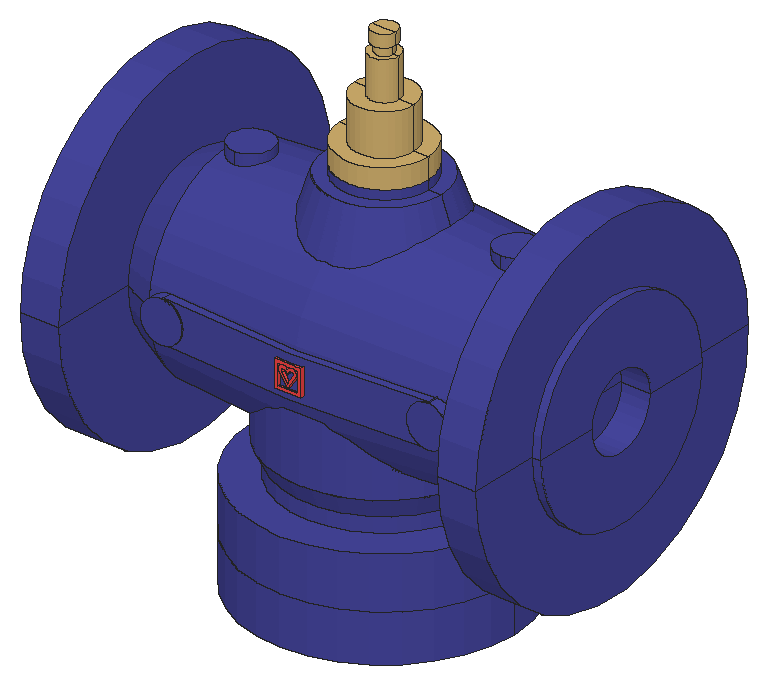
Revit family "Клапан проходной регулирующий, фланцевый F 4035_PN25", category Rohrzubehör, Revit 2018
Family settings
  Bemaßung runder Anschluss = Durchmesser verwenden
  Teiletyp = Unterbricht
  OmniClass-Nummer = 23.65.55.14
  OmniClass-Titel = Valves for Liquid Services
  Arbeitsebenenbasiert = Nein
  Immer vertikal = Ja
  Beim Laden mit Abzugskörper schneiden = Nein
  Gemeinsam genutzt = Nein
Parameters (values of type "kvs6.3")
  Среда = "Качество очистки воды должно соответствовать нормам ÖNORM H 5195 и VDI 2035 стандартам."
  Номер заказа [instance] = if(and(kvs1, Nennweite = 15 mm), 403540, if(and(kvs1.6, Nennweite = 15 mm), 403551, if(and(kvs2.5, Nennweite = 15 mm), 403561, if(and(kvs4, Nennweite = 15 mm), 403571, if(and(kvs6.3, Nennweite = 25 mm), 403543, if(and(kvs10, Nennweite = 25 mm), 403553, if(and(kvs16, Nennweite = 32 mm), 403544, if(and(kvs25, Nennweite = 40 mm), 403545, if(and(kvs40, Nennweite = 50 mm), 403556, if(and(kvs63, Nennweite = 65 mm), 403547, if(and(kvs100, Nennweite = 80 mm), 403548, if(and(kvs160, Nennweite = 100 mm), 403549, if(and(kvs250, Nennweite = 125 mm), 403550, if(and(kvs330, Nennweite = 150 mm), 403542, 0))))))))))))))  # 403543
  Вес [instance] = size_lookup("4035_PN25", "Gewicht", 25, Nennweite)  # 8
  kvs63 = no
  kvs6.3 = yes
  kvs40 = no
  kvs4 = no
  kvs330 = no
  kvs250 = no
  kvs25 = no
  kvs2.5 = no
  kvs160 = no
  kvs16 = no
  kvs100 = no
  kvs10 = no
  kvs1.6 = no
  kvs1 = no
  Седло клапана = "WN1.4021"  # constant formula
  Конус клапана (до DN50) = "WN1.4021"  # constant formula
  Конус клапана (от DN65) = "EN-GJL-250/WN1.4021"  # constant formula
  Пропускная характеристика клапана = "равнопроцентная"  # constant formula
  URL = "www.herz-armaturen.ru"
  Шток = "WN1.4404"  # constant formula
  SCTWSEQ = "FW;SBT_TYP_FW=\"101\";2"
  SCTWCODE = "04;05;02"  # constant formula
  SCRNSEQ = "ARM;ARM_TYP=\"DURR\";2"
  SCRNCODE = "05;06;02"  # constant formula
  R14 = 4 mm  # constant formula
  R13 = 3 mm  # constant formula
  R12 = 5 mm  # constant formula
  R11 [instance] = size_lookup("4035_PN25", "R11", 18 mm, Nennweite)  # 10 mm
  R10 [instance] = size_lookup("4035_PN25", "R10", 23 mm, Nennweite)  # 15 mm
  R09 [instance] = size_lookup("4035_PN25", "R9", 49 mm, Nennweite)  # 19.5 mm
  R08 [instance] = R00 + 3 mm  # 41 mm
  R07 [instance] = size_lookup("4035_PN25", "R7", 15.5 mm, Nennweite)  # 7 mm
  R06 [instance] = size_lookup("4035_PN25", "R6", 15.5 mm, Nennweite)  # 7 mm
  R05 [instance] = size_lookup("4035_PN25", "R5", 62.5 mm, Nennweite)  # 35.5 mm
  R04 [instance] = size_lookup("4035_PN25", "R4", 59.5 mm, Nennweite)  # 32.5 mm
  R03 [instance] = size_lookup("4035_PN25", "R3", 43 mm, Nennweite)  # 44 mm
  R02 [instance] = size_lookup("4035_PN25", "R2", 43 mm, Nennweite)  # 19.5 mm
  R01 [instance] = size_lookup("4035_PN25", "R1", 55.5 mm, Nennweite)  # 28.5 mm
  R00 [instance] = size_lookup("4035_PN25", "R", 65 mm, Nennweite)  # 38 mm
  PN = 25  # constant formula
  Nennweite [instance] = 25 mm
  Мин. рабочая температура = 5 °C  # constant formula
  Макс. рабочая температура = 150 °C  # constant formula
  Макс. рабочее давление = 2500000.0 Pa  # constant formula
  LO1 [instance] = size_lookup("4035_PN25", "LO1", 28.5 mm, Nennweite)  # 40 mm
  L07 [instance] = L06 - R06  # 45 mm
  L06 [instance] = size_lookup("4035_PN25", "L6", 110 mm, Nennweite)  # 52 mm
  L05 [instance] = D00  # 57.5 mm
  L03 = 10 mm  # constant formula
  L02 [instance] = size_lookup("4035_PN25", "L2", 15 mm, Nennweite)  # 13 mm
  L01 = 3 mm  # constant formula
  L00 [instance] = size_lookup("4035_PN25", "L", 145 mm, Nennweite)  # 80 mm
  Hersteller = "Herz-Armaturen GmbH"  # constant formula
  H18 [instance] = 17.5 mm  # constant formula
  H15 = 4 mm  # constant formula
  H14 [instance] = size_lookup("4035_PN25", "H14", 17 mm, Nennweite)  # 13 mm
  H13 [instance] = size_lookup("4035_PN25", "H13", 18 mm, Nennweite)  # 14 mm
  H12 [instance] = size_lookup("4035_PN25", "H12", 10.5 mm, Nennweite)  # 6.8 mm
  H11 [instance] = size_lookup("4035_PN25", "H11", 52.5 mm, Nennweite)  # 40.8 mm
  H10 [instance] = size_lookup("4035_PN25", "H10", 135.4 mm, Nennweite)  # 88.3 mm
  H09 = 3 mm  # constant formula
  H08 [instance] = size_lookup("4035_PN25", "H8", 79 mm, Nennweite)  # 44.5 mm
  H07 [instance] = R00  # 38 mm
  H06 [instance] = size_lookup("4035_PN25", "H6", 59 mm, Nennweite)  # 35 mm
  H05 [instance] = size_lookup("4035_PN25", "H5", 20 mm, Nennweite)  # 5 mm
  H04 [instance] = size_lookup("4035_PN25", "H4", 17 mm, Nennweite)  # 15 mm
  H02 [instance] = size_lookup("4035_PN25", "H2", 38 mm, Nennweite)  # 3 mm
  H03 [instance] = size_lookup("4035_PN25", "H3", 112 mm, Nennweite)  # 64 mm
  H01 [instance] = size_lookup("4035_PN25", "H1", 14 mm, Nennweite)  # 16 mm
  Корпус = "EN-GJS-400-18-LT (EN 1563)"  # constant formula
  Материал уплотнения = "70EPDM"  # constant formula
  DN80 [instance] = Nennweite = 80 mm  # no
  DN65 [instance] = Nennweite = 65 mm  # no
  DN50 [instance] = Nennweite = 50 mm  # no
  DN40 [instance] = Nennweite = 40 mm  # no
  DN32 [instance] = Nennweite = 32 mm  # no
  DN25 [instance] = Nennweite = 25 mm  # yes
  DN150 [instance] = Nennweite = 150 mm  # no
  DN15 [instance] = Nennweite = 15 mm  # no
  DN125 [instance] = Nennweite = 125 mm  # no
  DN100 [instance] = Nennweite = 100 mm  # no
  D02 [instance] = Nennweite / 2  # 12.5 mm
  D01 [instance] = size_lookup("4035_PN25", "D1", 61 mm, Nennweite)  # 34 mm
  D00 [instance] = size_lookup("4035_PN25", "D", 92.5 mm, Nennweite)  # 57.5 mm
  Область применения = "Клапан может использоваться в системах отопления, вентиляции и кондиционирования воздуха, в производственных и технологических процессах. Пропускная характеристика клапана - равнопроцентная. Соотношение регулирования (соотношение между пропускной способностью при номинальной высоте хода Kvs и минимальным значением пропускной способности, при которой погрешность регулирования находится в пределах номинального допуска Kvmin) - 30. Выбор проходного фланцевого клапана осущетвляется в соответствии с диаграммой значений kvs."
  Фланцевое соединение = "EN 1092-2"  # constant formula
Types (15, lengths in mm): name | Номер заказа | Вес | kvs63 | kvs6.3 | kvs40 | kvs4 | kvs330 | kvs250 | kvs25 | kvs2.5 | kvs160 | kvs16 | kvs100 | kvs10 | kvs1.6 | kvs1 | R11 | R10 | R09 | R08 | R07 | R06 | R05 | R04 | R03 | R02 | R01 | R00 | Nennweite | LO1 | L07 | L06 | L05 | L02 | L00 | H14 | H13 | H12 | H11 | H10 | H08 | H07 | H06 | H05 | H04 | H02 | H03 | H01 | DN80 | DN65 | DN50 | DN40 | DN32 | DN25 | DN150 | DN15 | DN125 | DN100 | D02 | D01 | D00
  (no name) | 403543 | 8 | no | yes | no | no | no | no | no | no | no | no | no | no | no | no | 10 | 15 | 19.5 | 41 | 7 | 7 | 35.5 | 32.5 | 44 | 19.5 | 28.5 | 38 | 25 | 40 | 45 | 52 | 57.5 | 13 | 80 | 13 | 14 | 6.8 | 40.8 | 88.3 | 44.5 | 38 | 35 | 5 | 15 | 3 | 64 | 16 | no | no | no | no | no | yes | no | no | no | no | 12.5 | 34 | 57.5
  kvs1 | 403540 | 5 | no | no | no | no | no | no | no | no | no | no | no | no | no | yes | 10 | 15 | 19.5 | 29.5 | 6 | 6 | 24 | 21 | 32.5 | 14 | 17 | 26.5 | 15 | 27.5 | 34 | 40 | 47.5 | 11 | 65 | 13 | 14 | 6.8 | 40.8 | 80.3 | 36.5 | 26.5 | 24.5 | 5 | 13 | 11 | 49 | 14 | no | no | no | no | no | no | no | yes | no | no | 7.5 | 22.5 | 47.5
  kvs1.6 | 403551 | 5 | no | no | no | no | no | no | no | no | no | no | no | no | yes | no | 10 | 15 | 19.5 | 29.5 | 6 | 6 | 24 | 21 | 32.5 | 14 | 17 | 26.5 | 15 | 27.5 | 34 | 40 | 47.5 | 11 | 65 | 13 | 14 | 6.8 | 40.8 | 80.3 | 36.5 | 26.5 | 24.5 | 5 | 13 | 11 | 49 | 14 | no | no | no | no | no | no | no | yes | no | no | 7.5 | 22.5 | 47.5
  kvs2.5 | 403561 | 5 | no | no | no | no | no | no | no | yes | no | no | no | no | no | no | 10 | 15 | 19.5 | 29.5 | 6 | 6 | 24 | 21 | 32.5 | 14 | 17 | 26.5 | 15 | 27.5 | 34 | 40 | 47.5 | 11 | 65 | 13 | 14 | 6.8 | 40.8 | 80.3 | 36.5 | 26.5 | 24.5 | 5 | 13 | 11 | 49 | 14 | no | no | no | no | no | no | no | yes | no | no | 7.5 | 22.5 | 47.5
  kvs4 | 403571 | 5 | no | no | no | yes | no | no | no | no | no | no | no | no | no | no | 10 | 15 | 19.5 | 29.5 | 6 | 6 | 24 | 21 | 32.5 | 14 | 17 | 26.5 | 15 | 27.5 | 34 | 40 | 47.5 | 11 | 65 | 13 | 14 | 6.8 | 40.8 | 80.3 | 36.5 | 26.5 | 24.5 | 5 | 13 | 11 | 49 | 14 | no | no | no | no | no | no | no | yes | no | no | 7.5 | 22.5 | 47.5
  kvs6.3 | 403543 | 8 | no | yes | no | no | no | no | no | no | no | no | no | no | no | no | 10 | 15 | 19.5 | 41 | 7 | 7 | 35.5 | 32.5 | 44 | 19.5 | 28.5 | 38 | 25 | 40 | 45 | 52 | 57.5 | 13 | 80 | 13 | 14 | 6.8 | 40.8 | 88.3 | 44.5 | 38 | 35 | 5 | 15 | 3 | 64 | 16 | no | no | no | no | no | yes | no | no | no | no | 12.5 | 34 | 57.5
  kvs10 | 403553 | 8 | no | no | no | no | no | no | no | no | no | no | no | yes | no | no | 10 | 15 | 19.5 | 41 | 7 | 7 | 35.5 | 32.5 | 44 | 19.5 | 28.5 | 38 | 25 | 40 | 45 | 52 | 57.5 | 13 | 80 | 13 | 14 | 6.8 | 40.8 | 88.3 | 44.5 | 38 | 35 | 5 | 15 | 3 | 64 | 16 | no | no | no | no | no | yes | no | no | no | no | 12.5 | 34 | 57.5
  kvs16 | 403544 | 11.5 | no | no | no | no | no | no | no | no | no | yes | no | no | no | no | 10 | 15 | 20.5 | 46 | 9 | 9 | 40.5 | 37.5 | 49 | 24.5 | 33.5 | 43 | 32 | 45 | 51 | 60 | 70 | 13 | 90 | 17 | 18 | 10.5 | 52.5 | 102 | 46.5 | 43 | 39 | 15 | 15 | 4 | 84 | 16 | no | no | no | no | yes | no | no | no | no | no | 16 | 39 | 70
  kvs25 | 403545 | 13 | no | no | no | no | no | no | yes | no | no | no | no | no | no | no | 10 | 15 | 20.5 | 51 | 12 | 12 | 45.5 | 42.5 | 54 | 29 | 38.5 | 48 | 40 | 50 | 56 | 68 | 75 | 13 | 100 | 17 | 18 | 10.5 | 52.5 | 112 | 56.5 | 48 | 43 | 20 | 15 | 1 | 94 | 16 | no | no | no | yes | no | no | no | no | no | no | 20 | 44 | 75
  kvs63 | 403547 | 25 | yes | no | no | no | no | no | no | no | no | no | no | no | no | no | 18 | 23 | 49 | 68 | 15.5 | 15.5 | 62.5 | 59.5 | 71 | 43 | 55.5 | 65 | 65 | 68 | 94.5 | 110 | 92.5 | 15 | 145 | 17 | 18 | 10.5 | 52.5 | 135.4 | 79 | 65 | 59 | 20 | 17 | 38 | 112 | 18 | no | yes | no | no | no | no | no | no | no | no | 32.5 | 61 | 92.5
  kvs100 | 403548 | 31 | no | no | no | no | no | no | no | no | no | no | yes | no | no | no | 18 | 23 | 49 | 76 | 15.5 | 15.5 | 70.5 | 67.5 | 79 | 51 | 63.5 | 73 | 80 | 77 | 99.5 | 115 | 100 | 17 | 155 | 17 | 18 | 10.5 | 52.5 | 168.5 | 113 | 73 | 65 | 20 | 19 | 46 | 125 | 20 | yes | no | no | no | no | no | no | no | no | no | 40 | 69 | 100
  kvs160 | 403549 | 46 | no | no | no | no | no | no | no | no | yes | no | no | no | no | no | 30 | 35 | 61 | 86 | 20.5 | 20.5 | 80.5 | 77.5 | 89 | 61 | 73.5 | 83 | 100 | 88 | 112.5 | 133 | 110 | 17 | 175 | 21 | 22 | 14.2 | 64.2 | 189.7 | 122.5 | 83 | 73 | 25 | 19 | 65 | 135 | 20 | no | no | no | no | no | no | no | no | no | yes | 50 | 79 | 110
  kvs250 | 403550 | 72 | no | no | no | no | no | yes | no | no | no | no | no | no | no | no | 30 | 35 | 61 | 101 | 20.5 | 20.5 | 95.5 | 92.5 | 104 | 76 | 88.5 | 98 | 125 | 103 | 134.5 | 155 | 125 | 19 | 200 | 21 | 22 | 14.2 | 64.2 | 231 | 163.5 | 98 | 80 | 30 | 21 | 44 | 158 | 21 | no | no | no | no | no | no | no | no | yes | no | 62.5 | 94 | 125
  kvs330 | 403542 | 91 | no | no | no | no | yes | no | no | no | no | no | no | no | no | no | 30 | 35 | 61 | 113 | 20.5 | 20.5 | 107.5 | 104.5 | 116 | 88 | 100.5 | 110 | 150 | 115 | 174.5 | 195 | 142.5 | 19 | 240 | 21 | 22 | 14.2 | 64.2 | 237.5 | 170 | 110 | 85 | 25 | 21 | 42 | 153 | 21 | no | no | no | no | no | no | yes | no | no | no | 75 | 106 | 142.5
  kvs40 | 403556 | 16 | no | no | yes | no | no | no | no | no | no | no | no | no | no | no | 18 | 23 | 49 | 56 | 13.5 | 13.5 | 52.5 | 49.5 | 61 | 34 | 45.5 | 53 | 50 | 56 | 66.5 | 80 | 82.5 | 15 | 115 | 17 | 18 | 10.5 | 52.5 | 122 | 66.5 | 53 | 43 | 1 | 15 | 42 | 67 | 18 | no | no | yes | no | no | no | no | no | no | no | 25 | 51 | 82.5
Reference planes
  plane 1 "Mitte (Vorne/hinten)": y = 0
  plane 2: z = 0
  plane 3 "Mitte (Links/rechts)": x = 0
Forms (mm)
  Revolve 1, solid, material "kunststoff-BLAU", detail levels fine
    sketch origin (1065, 0, 0) x (1, 0, 0) y (0, 1, 0)
      loop
        line (-1142, 34) -> (-1145, 34) -> (-1145, 12.5) -> (-1135, 12.5) -> (-1135, 0) -> (-995, 0) -> (-995, 12.5) -> (-985, 12.5) -> (-985, 34) -> (-988, 34) -> (-988, 57.5) -> (-1001, 57.5) -> (-1001, 28.5) -> (-1013, 34.447)
        arc (-1013, 34.447) -> (-1065, 38) -> (-1117, 34.447) r 382.331
        line (-1117, 34.447) -> (-1129, 28.5) -> (-1129, 57.5) -> (-1142, 57.5) -> (-1142, 34)
      axis (-985, 0) -> (-1145, 0)
    angle from 0 to 360
  Extrusion 2, solid, material "kunststoff-BLAU", detail levels fine
    sketch origin (0, 0, 0) x (-1, 0, 0) y (0, 0, -1)
      loop
        circle (45, 0) r 7
      loop
        circle (-45, 0) r 7
    from -38 to 38
  Extrusion 3, solid, material "kunststoff-BLAU", visible <- "DN65", detail levels fine
    sketch origin (0, 0, 0) x (1, 0, 0) y (0, 1, 0)
      loop
        arc (-95, -56.907) -> (0, -68) -> (95, -56.907) r 412.331
        line (95, -56.907) -> (95, 56.907)
        arc (95, 56.907) -> (0, 68) -> (-95, 56.907) r 412.331
        line (-95, 56.907) -> (-95, -56.907)
    from -15.5 to 15.5
  Revolve 4, solid, material "kunststoff-BLAU", detail levels fine
    sketch origin (0, 0, 0) x (1, 0, 0) y (0, 0, 1)
      loop
        line (-19.5, 44.5) -> (-35.5, 0) -> (0, 0) -> (0, 47.5) -> (-15, 47.5) -> (-15, 44.5) -> (-19.5, 44.5)
      axis (0, 47.5) -> (0, 0)
    angle from 0 to 360
  Revolve 5, solid, material "kunststoff-BLAU", detail levels fine
    sketch origin (0, 0, 0) x (1, 0, 0) y (0, 0, 1)
      loop
        line (0, 0) -> (-35.5, 0) -> (-35.5, -35) -> (-32.5, -41.5) -> (-32.5, -46.5) -> (-44, -46.5) -> (-44, -64) -> (0, -64) -> (0, 0)
      axis (0, 0) -> (0, -64)
    angle from 0 to 360
  Revolve 6, solid, material "kunststoff-BLAU", detail levels fine
    sketch origin (0, 0, 0) x (1, 0, 0) y (0, 0, 1)
      loop
        line (0, -64) -> (-44, -64) -> (-44, -80) -> (0, -80) -> (0, -64)
      axis (0, -64) -> (0, -80)
    angle from 0 to 360
  Extrusion 7, solid, material "kunststoff-BLAU", detail levels fine
    sketch origin (0, 0, 0) x (0, -1, 0) y (1, 0, 0)
      loop
        circle (0, -45) r 7
      loop
        circle (0, 45) r 7
    from -38 to 38
  Extrusion 8, solid, material "kunststoff-BLAU", visible <- "DN150", detail levels fine
    sketch origin (0, 0, 0) x (1, 0, 0) y (0, 1, 0)
      loop
        arc (-179.5, -78.475) -> (0, -115) -> (179.5, -78.475) r 459.331
        line (179.5, -78.475) -> (179.5, 78.475)
        arc (179.5, 78.475) -> (0, 115) -> (-179.5, 78.475) r 459.331
        line (-179.5, 78.475) -> (-179.5, -78.475)
    from -20.5 to 20.5
  Extrusion 9, solid, material "kunststoff-BLAU", visible <- "DN125", detail levels fine
    sketch origin (0, 0, 0) x (1, 0, 0) y (0, 1, 0)
      loop
        arc (-134.5, -82.301) -> (0, -103) -> (134.5, -82.301) r 447.331
        line (134.5, -82.301) -> (134.5, 82.301)
        arc (134.5, 82.301) -> (0, 103) -> (-134.5, 82.301) r 447.331
        line (-134.5, 82.301) -> (-134.5, -82.301)
    from -20.5 to 20.5
  Extrusion 10, solid, material "kunststoff-BLAU", visible <- "DN100", detail levels fine
    sketch origin (0, 0, 0) x (1, 0, 0) y (0, 1, 0)
      loop
        arc (-112.5, -73.106) -> (0, -88) -> (112.5, -73.106) r 432.331
        line (112.5, -73.106) -> (112.5, 73.106)
        arc (112.5, 73.106) -> (0, 88) -> (-112.5, 73.106) r 432.331
        line (-112.5, 73.106) -> (-112.5, -73.106)
    from -20.5 to 20.5
  Extrusion 11, solid, material "kunststoff-BLAU", visible <- "DN80", detail levels fine
    sketch origin (0, 0, 0) x (1, 0, 0) y (0, 1, 0)
      loop
        line (99.5, -65.083) -> (99.5, 65.083)
        arc (99.5, 65.083) -> (0, 77) -> (-99.5, 65.083) r 421.331
        line (-99.5, 65.083) -> (-99.5, -65.083)
        arc (-99.5, -65.083) -> (0, -77) -> (99.5, -65.083) r 421.331
    from -15.5 to 15.5
  Extrusion 12, solid, material "kunststoff-BLAU", visible <- "DN50", detail levels fine
    sketch origin (0, 0, 0) x (1, 0, 0) y (0, 1, 0)
      loop
        arc (-66.5, -50.44) -> (0, -56.006) -> (66.5, -50.44) r 400.05
        line (66.5, -50.44) -> (66.5, 50.44)
        arc (66.5, 50.44) -> (0, 56.006) -> (-66.5, 50.44) r 400.05
        line (-66.5, 50.44) -> (-66.5, -50.44)
    from -13.5 to 13.5
  Extrusion 13, solid, material "kunststoff-BLAU", visible <- "DN40", detail levels fine
    sketch origin (0, 0, 0) x (1, 0, 0) y (0, 1, 0)
      loop
        arc (-56, -46.003) -> (0, -50) -> (56, -46.003) r 394.331
        line (56, -46.003) -> (56, 46.003)
        arc (56, 46.003) -> (0, 50) -> (-56, 46.003) r 394.331
        line (-56, 46.003) -> (-56, -46.003)
    from -12 to 12
  Extrusion 14, solid, material "kunststoff-BLAU", visible <- "DN32", detail levels fine
    sketch origin (0, 0, 0) x (1, 0, 0) y (0, 1, 0)
      loop
        arc (-51, -41.645) -> (0, -45) -> (51, -41.645) r 389.331
        line (51, -41.645) -> (51, 41.645)
        arc (51, 41.645) -> (0, 45) -> (-51, 41.645) r 389.331
        line (-51, 41.645) -> (-51, -41.645)
    from -9 to 9
  Extrusion 15, solid, material "kunststoff-BLAU", visible <- "DN25", detail levels fine
    sketch origin (0, 0, 0) x (1, 0, 0) y (0, 1, 0)
      loop
        line (45, -37.356) -> (45, 37.356)
        arc (45, 37.356) -> (0, 40) -> (-45, 37.356) r 384.331
        line (-45, 37.356) -> (-45, -37.356)
        arc (-45, -37.356) -> (0, -40) -> (45, -37.356) r 384.331
    from -7 to 7
  Extrusion 16, solid, material "kunststoff-BLAU", visible <- "DN15", detail levels fine
    sketch origin (0, 0, 0) x (1, 0, 0) y (0, 1, 0)
      loop
        line (-34, 25.942) -> (-34, -25.942)
        arc (-34, -25.942) -> (0, -27.5) -> (34, -25.942) r 371.831
        line (34, -25.942) -> (34, 25.942)
        arc (34, 25.942) -> (0, 27.5) -> (-34, 25.942) r 371.831
    from -6 to 6
  Revolve 17, solid, material "Messing-poliert", detail levels fine
    sketch origin (0, 0, 0) x (1, 0, 0) y (0, 0, 1)
      loop
        line (-15, 54.3) -> (-15, 47.5) -> (0, 47.5) -> (0, 88.3) -> (-4, 88.3) -> (-4, 84.3) -> (-3, 84.3) -> (-3, 81.3) -> (-5, 81.3) -> (-5, 68.3) -> (-10, 68.3) -> (-10, 54.3) -> (-15, 54.3)
      axis (0, 88.3) -> (0, 47.5)
    angle from 0 to 360
Lines and regions (mm)
  model lines, detail levels coarse+medium
    curve 1: line (80, 57.5, 0) -> (80, -57.5, 0)
    curve 2: line (80, -57.5, 0) -> (-80, 57.5, 0)
    curve 3: line (-80, 57.5, 0) -> (-80, -57.5, 0)
    curve 4: line (-80, -57.5, 0) -> (80, 57.5, 0)
    curve 5: line (80, 0, 57.5) -> (80, 0, -57.5)
    curve 6: line (80, 0, -57.5) -> (-80, 0, 57.5)
    curve 7: line (-80, 0, 57.5) -> (-80, 0, -57.5)
    curve 8: line (-80, 0, -57.5) -> (80, 0, 57.5)
Dimensions and locks
  "L00": Revolve 1 sketch curve to plane 3 "Mitte (Links/rechts)" to Revolve 1 sketch curve
  "D00": plane 1 "Mitte (Vorne/hinten)" to Revolve 1 sketch curve  (x2)
  "D02": plane 1 "Mitte (Vorne/hinten)" to Revolve 1 sketch curve  (x2)
  "L01": Revolve 1 sketch curve to Revolve 1 sketch curve  (x2)
  "L02": Revolve 1 sketch curve to Revolve 1 sketch curve  (x2)
  "D01": plane 1 "Mitte (Vorne/hinten)" to Revolve 1 sketch curve  (x2)
  "R01": plane 1 "Mitte (Vorne/hinten)" to Revolve 1 sketch curve  (x2)
  "R00": Revolve 1 sketch curve to Revolve 1 sketch curve
  "L03": Revolve 1 sketch curve to Revolve 1 sketch curve  (x2)
  "H01": Revolve 6 sketch curve to Revolve 6 sketch curve
  "R03": plane 3 "Mitte (Links/rechts)" to Revolve 6 sketch curve
  "R03": Revolve 5 sketch curve to Revolve 5 sketch curve
  "H03": plane 2 to Revolve 5 sketch curve
  "H06": Revolve 5 sketch curve to Revolve 5 sketch curve
  "R04": Revolve 5 sketch curve to Revolve 5 sketch curve
  "R05": Revolve 5 sketch curve to Revolve 5 sketch curve
  "H05": Revolve 5 sketch curve to Revolve 5 sketch curve
  "L06": Revolve 1 sketch curve to plane 3 "Mitte (Links/rechts)" to Revolve 1 sketch curve
  "H03": plane 2 to Revolve 6 sketch curve
  "R09": Revolve 4 sketch curve to Revolve 4 sketch curve
  "R05": Revolve 4 sketch curve to Revolve 4 sketch curve
  "H07": Extrusion 7 to plane 2 to Extrusion 7  (x2)
  "L07": plane 3 "Mitte (Links/rechts)" to Extrusion 7 sketch curve
  "L07": Extrusion 7 sketch curve to plane 3 "Mitte (Links/rechts)"
  "H07": Extrusion 2 to plane 1 "Mitte (Vorne/hinten)"  (x3)
  "L07": plane 3 "Mitte (Links/rechts)" to Extrusion 2 sketch curve
  "L07": Extrusion 2 sketch curve to plane 3 "Mitte (Links/rechts)"
  "H07": plane 1 "Mitte (Vorne/hinten)" to Extrusion 2
  "H08": Revolve 4 sketch curve to plane 2
  "H09": Revolve 4 sketch curve to Revolve 4 sketch curve
  "R10": plane 3 "Mitte (Links/rechts)" to Revolve 4 sketch curve
  "H11": Revolve 17 sketch curve to Revolve 17 sketch curve
  "H10": Revolve 17 sketch curve to plane 2
  "R10": plane 3 "Mitte (Links/rechts)" to Revolve 17 sketch curve
  "H12": Revolve 17 sketch curve to Revolve 17 sketch curve
  "H13": Revolve 17 sketch curve to Revolve 17 sketch curve
  "H14": Revolve 17 sketch curve to Revolve 17 sketch curve
  "H15": Revolve 17 sketch curve to Revolve 17 sketch curve
  "R14": plane 3 "Mitte (Links/rechts)" to Revolve 17 sketch curve
  "R13": plane 3 "Mitte (Links/rechts)" to Revolve 17 sketch curve
  "R11": plane 3 "Mitte (Links/rechts)" to Revolve 17 sketch curve
  "R12": plane 3 "Mitte (Links/rechts)" to Revolve 17 sketch curve
  "LO1": nested 1 to plane 1 "Mitte (Vorne/hinten)"
  "H18": Revolve 5 sketch curve to Revolve 6
  "L00": curve 3 to plane 3 "Mitte (Links/rechts)" to curve 1
  "D00": curve 4 to plane 1 "Mitte (Vorne/hinten)" to curve 3
  "D00": curve 2 to plane 1 "Mitte (Vorne/hinten)" to curve 4
  "L00": curve 7 to plane 3 "Mitte (Links/rechts)" to curve 5
  "D00": curve 8 to plane 2 to curve 6
  "D00": curve 7 to plane 2 to curve 8
  "R06": radius of Extrusion 7 sketch curve  (x2)
  "R07": radius of Extrusion 2 sketch curve  (x2)
  aligned and locked: level to plane 2
Automatic sketch dimensions
  Extrusion 3 sketch curve to plane 1 "Mitte (Vorne/hinten)" = 56.907 mm  (x2)
  Extrusion 3 sketch curve to plane 3 "Mitte (Links/rechts)" = 0 mm  (x2)
  Extrusion 3 sketch curve to Extrusion 3 sketch curve = 113.814 mm
  Extrusion 3 sketch curve to Extrusion 3 sketch curve = 287.425 mm
  Extrusion 3 sketch curve to plane 1 "Mitte (Vorne/hinten)" = 344.331 mm
  plane 3 "Mitte (Links/rechts)" to Extrusion 3 sketch curve = 95 mm
  Extrusion 8 sketch curve to plane 3 "Mitte (Links/rechts)" = 0 mm  (x2)
  Extrusion 8 sketch curve to plane 1 "Mitte (Vorne/hinten)" = 78.475 mm  (x2)
  plane 1 "Mitte (Vorne/hinten)" to Extrusion 8 sketch curve = 78.475 mm
  Extrusion 8 sketch curve to plane 3 "Mitte (Links/rechts)" = 179.5 mm
  Extrusion 8 sketch curve to Extrusion 8 sketch curve = 265.857 mm
  Extrusion 8 sketch curve to plane 1 "Mitte (Vorne/hinten)" = 344.331 mm
  plane 3 "Mitte (Links/rechts)" to Extrusion 9 sketch curve = 134.5 mm
  plane 1 "Mitte (Vorne/hinten)" to Extrusion 9 sketch curve = 82.301 mm  (x2)
  Extrusion 9 sketch curve to plane 3 "Mitte (Links/rechts)" = 0 mm  (x2)
  Extrusion 9 sketch curve to Extrusion 9 sketch curve = 262.031 mm  (x2)
  Extrusion 9 sketch curve to plane 1 "Mitte (Vorne/hinten)" = 82.301 mm
  Extrusion 10 sketch curve to plane 3 "Mitte (Links/rechts)" = 0 mm  (x2)
  plane 1 "Mitte (Vorne/hinten)" to Extrusion 10 sketch curve = 73.106 mm
  Extrusion 10 sketch curve to plane 3 "Mitte (Links/rechts)" = 112.5 mm
  Extrusion 10 sketch curve to Extrusion 10 sketch curve = 271.225 mm
  Extrusion 10 sketch curve to plane 1 "Mitte (Vorne/hinten)" = 344.331 mm
  Extrusion 10 sketch curve to plane 1 "Mitte (Vorne/hinten)" = 73.106 mm  (x2)
  Extrusion 11 sketch curve to plane 3 "Mitte (Links/rechts)" = 0 mm  (x2)
  plane 1 "Mitte (Vorne/hinten)" to Extrusion 11 sketch curve = 65.083 mm  (x2)
  Extrusion 11 sketch curve to plane 3 "Mitte (Links/rechts)" = 99.5 mm
  Extrusion 11 sketch curve to Extrusion 11 sketch curve = 279.249 mm
  Extrusion 11 sketch curve to plane 1 "Mitte (Vorne/hinten)" = 344.331 mm
  Extrusion 11 sketch curve to plane 1 "Mitte (Vorne/hinten)" = 65.083 mm
  Extrusion 12 sketch curve to plane 3 "Mitte (Links/rechts)" = 0 mm  (x2)
  Extrusion 12 sketch curve to plane 3 "Mitte (Links/rechts)" = 66.5 mm
  plane 3 "Mitte (Links/rechts)" to Extrusion 12 sketch curve = 66.5 mm
  plane 1 "Mitte (Vorne/hinten)" to Extrusion 12 sketch curve = 344.044 mm
  plane 1 "Mitte (Vorne/hinten)" to Extrusion 12 sketch curve = 50.44 mm
  Extrusion 12 sketch curve to plane 1 "Mitte (Vorne/hinten)" = 50.44 mm
  Extrusion 12 sketch curve to Extrusion 12 sketch curve = 293.604 mm
  Extrusion 13 sketch curve to plane 3 "Mitte (Links/rechts)" = 0 mm  (x2)
  Extrusion 13 sketch curve to plane 3 "Mitte (Links/rechts)" = 56 mm
  plane 3 "Mitte (Links/rechts)" to Extrusion 13 sketch curve = 56 mm
  plane 1 "Mitte (Vorne/hinten)" to Extrusion 13 sketch curve = 344.331 mm
  plane 1 "Mitte (Vorne/hinten)" to Extrusion 13 sketch curve = 46.003 mm
  Extrusion 13 sketch curve to plane 1 "Mitte (Vorne/hinten)" = 46.003 mm
  Extrusion 13 sketch curve to Extrusion 13 sketch curve = 298.328 mm
  Extrusion 14 sketch curve to plane 3 "Mitte (Links/rechts)" = 0 mm  (x2)
  Extrusion 14 sketch curve to plane 3 "Mitte (Links/rechts)" = 51 mm
  plane 3 "Mitte (Links/rechts)" to Extrusion 14 sketch curve = 51 mm
  plane 1 "Mitte (Vorne/hinten)" to Extrusion 14 sketch curve = 344.331 mm
  plane 1 "Mitte (Vorne/hinten)" to Extrusion 14 sketch curve = 41.645 mm
  Extrusion 14 sketch curve to plane 1 "Mitte (Vorne/hinten)" = 41.645 mm
  Extrusion 14 sketch curve to Extrusion 14 sketch curve = 302.686 mm
  Extrusion 15 sketch curve to plane 3 "Mitte (Links/rechts)" = 0 mm  (x2)
  Extrusion 15 sketch curve to plane 3 "Mitte (Links/rechts)" = 45 mm
  plane 3 "Mitte (Links/rechts)" to Extrusion 15 sketch curve = 45 mm
  plane 1 "Mitte (Vorne/hinten)" to Extrusion 15 sketch curve = 344.331 mm
  plane 1 "Mitte (Vorne/hinten)" to Extrusion 15 sketch curve = 37.356 mm
  Extrusion 15 sketch curve to plane 1 "Mitte (Vorne/hinten)" = 37.356 mm
  Extrusion 15 sketch curve to Extrusion 15 sketch curve = 306.975 mm
  Extrusion 16 sketch curve to plane 3 "Mitte (Links/rechts)" = 0 mm  (x2)
  Extrusion 16 sketch curve to plane 3 "Mitte (Links/rechts)" = 34 mm
  plane 3 "Mitte (Links/rechts)" to Extrusion 16 sketch curve = 34 mm
  plane 1 "Mitte (Vorne/hinten)" to Extrusion 16 sketch curve = 344.331 mm
  plane 1 "Mitte (Vorne/hinten)" to Extrusion 16 sketch curve = 25.942 mm
  Extrusion 16 sketch curve to plane 1 "Mitte (Vorne/hinten)" = 25.942 mm
  Extrusion 16 sketch curve to Extrusion 16 sketch curve = 318.389 mm
  plane 1 "Mitte (Vorne/hinten)" to Revolve 1 sketch curve = 0 mm  (x2)
  Revolve 1 sketch curve to plane 3 "Mitte (Links/rechts)" = 0 mm
  plane 1 "Mitte (Vorne/hinten)" to Revolve 1 sketch curve = 344.331 mm
  Revolve 1 sketch curve to Revolve 1 sketch curve = 1855 mm  (x2)
  Extrusion 2 sketch curve to level = 0 mm  (x2)
  Revolve 4 sketch curve to level = 0 mm
  Revolve 4 sketch curve to plane 3 "Mitte (Links/rechts)" = 0 mm  (x2)
  Revolve 4 sketch curve to Revolve 4 sketch curve = 366.045 mm
  Revolve 4 sketch curve to Revolve 4 sketch curve = 2132.315 mm
  Revolve 5 sketch curve to level = 0 mm
  Revolve 5 sketch curve to plane 3 "Mitte (Links/rechts)" = 0 mm  (x2)
  Revolve 5 sketch curve to Revolve 5 sketch curve = 254.045 mm
  level to Revolve 5 sketch curve = 2214.315 mm
  Revolve 6 sketch curve to plane 3 "Mitte (Links/rechts)" = 0 mm  (x2)
  Revolve 6 sketch curve to Revolve 6 sketch curve = 0 mm
  level to Revolve 6 sketch curve = 2214.315 mm
  plane 1 "Mitte (Vorne/hinten)" to Extrusion 7 sketch curve = 0 mm  (x2)
  Revolve 17 sketch curve to plane 3 "Mitte (Links/rechts)" = 0 mm  (x2)
  Revolve 17 sketch curve to level = 366.045 mm
  Revolve 17 sketch curve to Revolve 17 sketch curve = 2079.815 mm
Nested families
  nested 1: "Herz-Logo-vorne" at (-0.018, -40, 0) x (0, 1, 0) z (0, 0, 1), type "Herz-Logo-vorne", detail levels fine
Connectors
  piping at (-80, 0, 0), diameter 25, driven by "Nennweite"
    settings: on Revolve 1, index 1, connector inside diameter 609.6 mm, connector length 0 mm, flow factor 0, pipe flow 0.0 L/s, pressure drop 0.0 Pa, fitting loss kfactor 0, connector angle 0.00°, fixture units 0, engagement length 0 mm, angle of deflection 0.00°, flow configuration 0, flow direction 1, fitting loss method 0, system type 29, joint type 0, gender type 0, connector reference index -1, connector utility 0, adjustable connector no, is connector primary yes, connector description ""
  piping at (80, 0, 0), diameter 25, driven by "Nennweite"
    settings: on Revolve 1, index 2, connector inside diameter 609.6 mm, connector length 0 mm, flow factor 0, pipe flow 0.0 L/s, pressure drop 0.0 Pa, fitting loss kfactor 0, connector angle 0.00°, fixture units 0, engagement length 0 mm, angle of deflection 0.00°, flow configuration 0, flow direction 2, fitting loss method 0, system type 29, joint type 0, gender type 0, connector reference index -1, connector utility 0, adjustable connector no, is connector primary no, connector description ""
Definition of nested family "Herz-Logo-vorne"
  Reference planes
    plane 1 "Mitte (Vorne/hinten)": y = 0
    plane 2: z = 0
    plane 3 "Mitte (Links/rechts)": x = 0
  Forms (mm)
    Extrusion 1, solid
      sketch origin (0.732, -0.018, 0.017) x (0, -1, 0) y (0, 0, 1)
        loop
          line (-0.018, -4.517) -> (4.482, -4.517) -> (4.482, 4.483) -> (-4.518, 4.483) -> (-4.518, -4.517) -> (-0.018, -4.517)
        loop
          line (-0.05, -3.48) -> (3.482, -3.48) -> (3.482, 3.483) -> (-3.518, 3.483) -> (-3.518, -3.48) -> (-0.05, -3.48)
        loop
          arc (-0.018, 2.383) -> (-1.543, 3.287) -> (-3.067, 2.383) r 1.738
          arc (-3.067, 2.383) -> (-3.191, 1.899) -> (-3.067, 1.415) r 1.009
          line (-3.067, 1.415) -> (-0.018, -3.281) -> (3.032, 1.415)
          arc (3.032, 1.415) -> (3.156, 1.899) -> (3.032, 2.383) r 1.009
          arc (3.032, 2.383) -> (1.507, 3.287) -> (-0.018, 2.383) r 1.738
        loop
          arc (1.885, 1.272) -> (2.005, 1.675) -> (1.885, 2.079) r 0.74
          arc (1.885, 2.079) -> (1.265, 2.416) -> (0.644, 2.079) r 0.74
          line (0.644, 2.079) -> (-0.018, 0.97) -> (-0.679, 2.079)
          arc (-0.679, 2.079) -> (-1.3, 2.416) -> (-1.921, 2.079) r 0.74
          arc (-1.921, 2.079) -> (-2.04, 1.675) -> (-1.921, 1.272) r 0.74
          line (-1.921, 1.272) -> (-0.018, -1.658) -> (1.885, 1.272)
      from 0 to 1.5
  Dimensions and locks
    aligned and locked: level to plane 2
